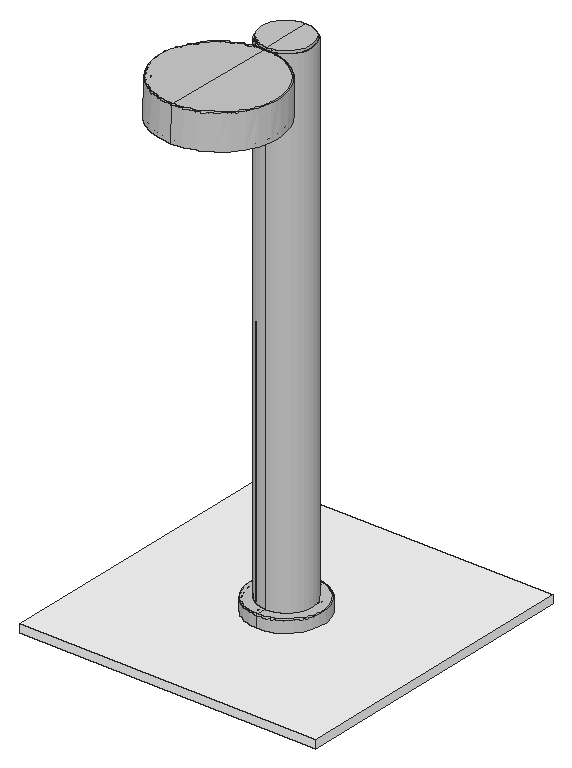
Revit family "BE_77219_de_DE", category Leuchten, Revit 2015
Parameters (values of type "BEGA_77219_Silber_K3")
  built-in parameter 1150104 = 10.452 (stored number, unit not read)
  Wattage = 6.4 W
  Default Elevation = 0 mm
  built-in parameter 1150113 = 1 (stored number, unit not read)
  built-in parameter 1114218 = 1 (stored number, unit not read)
  Umgebungstemperatur = ""
  URL = "http://www.bega.de/produkt/77219"
  Typenkommentare = "© 2016 BEGA. Wir behalten uns das Recht vor, technische Änderungen ohne vorherige Ankündigung vorzunehmen."  # constant formula
  Type Image = 77219.png
  built-in parameter 1150134 = (empty or 0)
  built-in parameter 1150109 = 1 (stored number, unit not read)
  Strom = ""
  built-in parameter 1150110 = 1 (stored number, unit not read)
  Spannung = 239.996 V
  Sonderanfertigung = no
  Seriennummer [instance] = "Hier können Sie die eindeutige Seriennummer für das Facility Management eintragen."
  Schutzklasse = "I"
  Schutzart = "IP 65"
  Scheinlast = 0 VA
  Produktdatenblatt = "http://www.bega.de/download/Xrfa/db/77219.db.de.pdf"
  Oberflächentemperatur = ""
  Neigungswinkel = 0.00°
  Modell = "77219A"
  Material_18 = BEGA_Gummi_schwarz
  Material_17 = BEGA_Reflektor
  Material_15 = BEGA_Leuchtmedium_matt
  Material_13 = BEGA_Kunststoff_matt
  Material_08 = BEGA_Oberfläche_Stahl_verzinkt
  Material_06 = BEGA_Oberfläche_Edelstahl_gebürstet
  Material_03 = BEGA_Oberfläche_Weiss_matt
  Material_02 = BEGA_Oberfläche_Silber_matt
  Material_01 [instance] = BEGA_Oberfläche_Grafit_matt
  M_W = no
  M_G = no
  M_A = yes
  Logo = 0
  built-in parameter 1114217 = 1 (stored number, unit not read)
  built-in parameter 1150139 = (empty or 0)
  built-in parameter 1150105 = 57.296 (stored number, unit not read)
  built-in parameter 1150114 = 1 (stored number, unit not read)
  Lumens = 720 lm
  built-in parameter 1150115 = 1 (stored number, unit not read)
  Leuchtenlichtstrom = "376 lm"
  Leuchtenanzahl = ""
  Lebensdauerkriterien = "L70 = 50.000 h"
  Lastklassifizierung = Beleuchtung
  built-in parameter 1150112 = 1 (stored number, unit not read)
  Lampenlichtstrom = "720 lm"
  Lampe = "LED 6.4 W"
  LED_Modulbezeichnung = "2x LED-0181/830"
  built-in parameter 1150142 = (empty or 0)
  Hersteller = "BEGA"  # constant formula
  Halbstreuwinkel = ""
  Gewicht = "2.4 kg"
  Gebrauchslageneinschränkung [instance] = ""
  Frequenz = "0/50-60 Hz"
  Farbwiedergabeindex = "Ra > 80"
  Farbtemperaturverschiebung bei Dämpfen der Lampe = <Keine Auswahl>
  Farbtemperatur = "3000 K"
  Color Filter = 16777215
  built-in parameter 1150133 = 10 (stored number, unit not read)
  Energieeffizienzklasse = "LED A++ - A"
  built-in parameter 1150137 = (empty or 0)
  built-in parameter 1150132 = (empty or 0)
  ENEC = "ja"
  Dimmbar [instance] = ""
  Datei für fotometrisches Netz = "BE_77219.IES"
  CE_Konformität = "ja"
  Bestellnummer = "77219A"
  Beschreibung_Sonderanfertigung = "Hier können Sie Informationen zur Sonderanfertigung eintragen."
  Beschreibung = "Garten- und Wegeleuchte"
  built-in parameter 1150106 = 0.57296 (stored number, unit not read)
  Befestigungsbohrung = "Ø 5,5 mm"
  Befestigungsabstand = ""
  Ballwurfsicher = ""
  BEGA_Intern_aus = yes
  BEGA_Intern_an = yes
  BEGA_Intern_Konstruktion = yes
  BEGA_Intern = yes
  BEGA_IES = yes
  BEGA_Dummy = no
  Anschlussleitung = ""
  Anschlussleistung [instance] = "8.5 W"
  built-in parameter 1150107 = 3000 (stored number, unit not read)
  built-in parameter 1150102 = (empty or 0)
  built-in parameter 1150138 = (empty or 0)
  Aktualisierung = "2016-11-25T04:14:57"
  Abstand_zur_angestrahlten_Fläche [instance] = ""
  AC/DC = "AC/DC"
Types (2, lengths in mm): name | Modell | M_G | M_A | Bestellnummer
  BEGA_77219_Grafit_K3 | "77219" | yes | no | "77219"
  BEGA_77219_Silber_K3 | "77219A" | no | yes | "77219A"
Reference planes
  plane 1 "Mitte (Vorne/Hinten)": y = 0
  plane 2: z = 0
  plane 3 "Mitte (Links/Rechts)": x = 0
  plane 4 "Links": x = -80.009
  plane 5 "Rechts": x = 80.009
  plane 6 "Unten": y = -195.121
  plane 7 "Oben": y = 50.497
  plane 8 "Vorne": z = 697.75
  plane 9 "Hinten": z = 0
Forms (mm)
  Extrusion 1, solid, material "BEGA_Platte_Weiss"
    sketch origin (0, -1119.2, 0) x (1, 0, 0) y (0, 1, 0)
      loop
        line (-200, 1319.2) -> (-200, 919.2) -> (200, 919.2) -> (200, 1319.2) -> (-200, 1319.2)
    from 0 to -10
  Extrusion 2, solid, material "BEGA_Dummy_matt", visible <- "BEGA_Dummy"
    sketch origin (80.095, -76.023, 0) x (1, 0, 0) y (0, 1, 0)
      loop
        line (-160.105, 126.52) -> (-160.105, -119.098) -> (-0.086, -119.098) -> (-0.086, 126.52) -> (-160.105, 126.52)
    from 0 to 697.75
Dimensions and locks
  plane 1 "Mitte (Vorne/Hinten)" to Extrusion 1 = 200 mm
  aligned and locked: plane 2 to Extrusion 1
  aligned and locked: level to Extrusion 1
Nested families
  nested 1: "BE_77219" at (0, 0, 0) x (0, -1, 0) z (0, 0, 1), type "BE_77219"
Connectors
  electrical at (0, 0, 0), driven by "Lastklassifizierung", driven by "Spannung", driven by "Scheinlast"
    settings: index 1, voltage 239.996 V, apparent load 0 VA, apparent load phase1 0 VA, apparent load phase2 0 VA, apparent load phase3 0 VA, power factor 1, load classification "Beleuchtung", number of poles 1, system type 31, power factor state 1, is connector primary yes, connector utility no, sub classification motor no, connector description ""
Definition of nested family "BE_77219"
  Parameters (values of type "BE_77219")
    Default Elevation = 1 mm
    URL = "http://www.bega.de/de/produkt"
    Type Comments = "© 2015 BEGA. Wir behalten uns das Recht vor, technische Änderungen ohne vorherige Ankündigung vorzunehmen. "  # constant formula
    Type Image = (empty or 0)
    Material_18 = none
    Material_17 = none
    Material_15 = none
    Material_13 = none
    Material_11 = none
    Material_09 = none
    Material_08 = none
    Material_06 = none
    Material_03 = none
    Material_02 = none
    Material_01 = none
    M_W = yes
    M_G = yes
    M_A = yes
    Länge_Platte = 200 mm  # constant formula
    Höhe_Platte = -10 mm  # constant formula
    Manufacturer = "BEGA"  # constant formula
    Breite_Platte = 200 mm  # constant formula
  Reference planes
    plane 1 "Mitte (Oben/Unten)": y = 0
    plane 2: z = 0
    plane 3 "Mitte (Links/Rechts)": x = 0
    plane 4: x = 195.121
    plane 5: y = -80.009
    plane 6: y = 80.009
    plane 7: x = -50.497
    plane 8: z = 697.75
    plane 9: z = 0
  Forms (mm)
    Extrusion 1, solid, detail levels medium
      sketch origin (0, 0, 0) x (1, 0, 0) y (0, 1, 0)
        loop
          line (-100, 100) -> (-100, -100) -> (100, -100) -> (100, 100) -> (-100, 100)
      from 0 to -10 <- "Höhe_Platte"
    Revolve 2, solid, material <- "Material_08", detail levels medium+fine
      sketch origin (0, 0, 0) x (1, 0, 0) y (0, 0, 1)
        loop
          line (-13.1, 1.303) -> (-13.1, 119.968) -> (-15.1, 119.968) -> (-15.1, 1.303) -> (-13.1, 1.303)
        axis (6, 1.303) -> (6, 119.968)
      angle from 0 to 360
    Revolve 3, solid, material <- "Material_08", detail levels medium+fine
      sketch origin (0, 0, 0) x (1, 0, 0) y (0, 0, 1)
        loop
          line (-16.928, 2) -> (-29, 2) -> (-29, 0) -> (-17.127, 0)
          arc (-17.127, 0) -> (-15.987, 0.28) -> (-15.1, 1.049) r 2.5
          line (-15.1, 1.049) -> (-15.1, 3.828) -> (-16.928, 2)
        axis (6, 3.828) -> (6, 0)
      angle from 0 to 360
    Extrusion 4, void
      sketch origin (0, 0, 0) x (1, 0, 0) y (0, 1, 0)
        loop
          line (25.787, 28.87) -> (30.128, 4.254)
          arc (30.128, 4.254) -> (30.5, 0) -> (30.128, -4.254) r 24.5
          line (30.128, -4.254) -> (25.787, -28.87)
          arc (25.787, -28.87) -> (36.964, -16.316) -> (41, 0) r 35
          arc (41, 0) -> (36.964, 16.316) -> (25.787, 28.87) r 35
      from 3.828 to -3.013
    Extrusion 5, void
      sketch origin (0, 0, 0) x (1, 0, 0) y (0, 1, 0)
        loop
          circle (21, 25.981) r 2.75
        loop
          circle (-24, 0) r 2.75
        loop
          circle (21, -25.981) r 2.75
      from 3.828 to -3.013
    Revolve 6, solid, material <- "Material_01", visible <- "M_G", detail levels medium+fine
      sketch origin (0, 0, 0) x (1, 0, 0) y (0, 0, 1)
        loop
          line (-35.014, 693.001) -> (-35, 11) -> (-31.996, 11) -> (-31.725, 693.001) -> (-35.014, 693.001)
        axis (0, 11) -> (0, 693.001)
      angle from 0 to 360
    Revolve 7, solid, material <- "Material_01", visible <- "M_G", detail levels medium+fine
      sketch origin (0, 0, 3) x (1, 0, 0) y (0, 0, 1)
        loop
          line (-33.09, 693) -> (-33.09, 689.236) -> (0, 689.236) -> (0, 693) -> (-33.09, 693)
        axis (0, 693) -> (0, 689.236)
      angle from 0 to 360
    Revolve 8, solid, material <- "Material_01", visible <- "M_G", detail levels medium+fine
      sketch origin (0, 0, 11) x (1, 0, 0) y (0, 0, 1)
        loop
          line (114.313, 685.386) -> (114.971, 647.691) -> (119.47, 647.77) -> (119.986, 677.353)
          arc (119.986, 677.353) -> (120.567, 678.727) -> (121.936, 679.318) r 2
          line (121.936, 679.318) -> (186.664, 680.448) -> (188.074, 648.167) -> (192.225, 648.24) -> (192.521, 639.744) -> (195.121, 639.789) -> (193.515, 685.785)
          arc (193.515, 685.785) -> (193.204, 686.476) -> (192.498, 686.75) r 1
          line (192.498, 686.75) -> (114.313, 685.386)
        axis (114.313, 685.386) -> (115.133, 638.393)
      angle from 0 to 360
    Extrusion 9, solid, material <- "Material_01", visible <- "M_G", detail levels medium+fine
      sketch origin (0, 0, 0) x (1, 0, 0) y (0, 1, 0)
        loop
          line (37.664, 12.5) -> (31.41, 12.5)
          arc (31.41, 12.5) -> (33.806, 0) -> (31.41, -12.5) r 33.806
          line (31.41, -12.5) -> (37.664, -12.5)
          arc (37.664, -12.5) -> (36.662, 0) -> (37.664, 12.5) r 78.456
      from 648.355 to 691.425
    Revolve 10, solid, material <- "Material_13", detail levels medium+fine
      sketch origin (0, 0, 11) x (1, 0, 0) y (0, 0, 1)
        loop
          line (39.189, 638.738) -> (110.47, 638.116) -> (110.553, 642.914) -> (112.369, 642.945) -> (112.176, 646.643) -> (105.758, 646.531) -> (105.22, 643.137) -> (43.129, 643.703) -> (38.162, 641.797) -> (38.198, 639.734)
          arc (38.198, 639.734) -> (38.489, 639.033) -> (39.189, 638.738) r 1
        axis (114.988, 646.692) -> (115.137, 638.197)
      angle from 0 to 360
    Revolve 11, solid, material <- "Material_06", detail levels fine
      sketch origin (0, 0, 11) x (1, 0, 0) y (0, 0, 1)
        loop
          arc (110.882, 638.419) -> (111.035, 638.068) -> (111.391, 637.928) r 0.5
          line (111.391, 637.928) -> (115.14, 637.993) -> (114.722, 661.917)
          arc (114.722, 661.917) -> (114.106, 661.762) -> (113.621, 661.35) r 1.4
          line (113.621, 661.35) -> (112.264, 659.516) -> (112.553, 642.949) -> (110.803, 642.918) -> (110.882, 638.419)
        axis (114.722, 661.917) -> (115.14, 637.993)
      angle from 0 to 360
    Revolve 12, void
      sketch origin (0, 0, 11) x (1, 0, 0) y (0, 0, 1)
        loop
          line (-32.182, 89) -> (-36.21, 89) -> (-36.21, 85) -> (-32.182, 85) -> (-32.182, 89)
        axis (-36.21, 85) -> (-32.182, 85)
      angle from 0 to 360
    Revolve 13, void
      sketch origin (0, 0, -39) x (1, 0, 0) y (0, 0, 1)
        loop
          line (-32.182, 89) -> (-35.903, 89) -> (-35.903, 85) -> (-32.182, 85) -> (-32.182, 89)
        axis (-35.903, 85) -> (-32.182, 85)
      angle from 0 to 360
    Revolve 14, solid, material <- "Material_06", detail levels fine
      sketch origin (0, 0, 11) x (1, 0, 0) y (0, 0, 1)
        loop
          line (-32.182, 89) -> (-34.8, 89) -> (-34.8, 85) -> (-15.1, 85) -> (-15.1, 88) -> (-32.182, 88) -> (-32.182, 89)
        axis (-34.8, 85) -> (-15.1, 85)
      angle from 0 to 360
    Revolve 15, solid, material <- "Material_02", visible <- "M_A", detail levels medium+fine
      sketch origin (0, 0, 11) x (1, 0, 0) y (0, 0, 1)
        loop
          line (114.313, 685.386) -> (114.971, 647.691) -> (119.47, 647.77) -> (119.986, 677.353)
          arc (119.986, 677.353) -> (120.567, 678.727) -> (121.936, 679.318) r 2
          line (121.936, 679.318) -> (186.664, 680.448) -> (188.074, 648.167) -> (192.225, 648.24) -> (192.521, 639.744) -> (195.121, 639.789) -> (193.515, 685.785)
          arc (193.515, 685.785) -> (193.204, 686.476) -> (192.498, 686.75) r 1
          line (192.498, 686.75) -> (114.313, 685.386)
        axis (114.313, 685.386) -> (115.133, 638.393)
      angle from 0 to 360
    Extrusion 16, solid, material <- "Material_02", visible <- "M_A", detail levels medium+fine
      sketch origin (0, 0, 0) x (1, 0, 0) y (0, 1, 0)
        loop
          line (37.664, 12.5) -> (31.41, 12.5)
          arc (31.41, 12.5) -> (33.806, 0) -> (31.41, -12.5) r 33.806
          line (31.41, -12.5) -> (37.664, -12.5)
          arc (37.664, -12.5) -> (36.662, 0) -> (37.664, 12.5) r 78.456
      from 648.355 to 691.425
    Revolve 17, solid, material <- "Material_06", detail levels fine
      sketch origin (0, 0, -39) x (1, 0, 0) y (0, 0, 1)
        loop
          line (-32.182, 89) -> (-34.8, 89) -> (-34.8, 85) -> (-15.1, 85) -> (-15.1, 88) -> (-32.182, 88) -> (-32.182, 89)
        axis (-34.8, 85) -> (-15.1, 85)
      angle from 0 to 360
    Revolve 18, solid, material <- "Material_01", visible <- "M_G", detail levels medium+fine
      sketch origin (0, 0, 0) x (1, 0, 0) y (0, 0, 1)
        loop
          line (-35.575, 16) -> (-49.034, 16)
          arc (-49.034, 16) -> (-49.729, 15.719) -> (-50.034, 15.035) r 1
          line (-50.034, 15.035) -> (-50.497, 0) -> (-47.764, 0) -> (-47.334, 12.336)
          arc (-47.334, 12.336) -> (-47.029, 13.02) -> (-46.334, 13.3) r 1
          line (-46.334, 13.3) -> (-39.066, 13.3)
          arc (-39.066, 13.3) -> (-38.371, 13.019) -> (-38.066, 12.335) r 1
          line (-38.066, 12.335) -> (-37.959, 9.263)
          arc (-37.959, 9.263) -> (-37.654, 8.58) -> (-36.96, 8.3) r 1
          line (-36.96, 8.3) -> (-32.806, 8.3) -> (-32.9, 11) -> (-35.4, 11) -> (-35.575, 16)
        axis (0, 0) -> (0, 16)
      angle from 0 to 360
    Revolve 19, solid, material <- "Material_02", visible <- "M_A", detail levels medium+fine
      sketch origin (0, 0, 0) x (1, 0, 0) y (0, 0, 1)
        loop
          line (-35.575, 16) -> (-49.034, 16)
          arc (-49.034, 16) -> (-49.729, 15.719) -> (-50.034, 15.035) r 1
          line (-50.034, 15.035) -> (-50.497, 0) -> (-47.764, 0) -> (-47.334, 12.336)
          arc (-47.334, 12.336) -> (-47.029, 13.02) -> (-46.334, 13.3) r 1
          line (-46.334, 13.3) -> (-39.066, 13.3)
          arc (-39.066, 13.3) -> (-38.371, 13.019) -> (-38.066, 12.335) r 1
          line (-38.066, 12.335) -> (-37.959, 9.263)
          arc (-37.959, 9.263) -> (-37.654, 8.58) -> (-36.96, 8.3) r 1
          line (-36.96, 8.3) -> (-32.806, 8.3) -> (-32.9, 11) -> (-35.4, 11) -> (-35.575, 16)
        axis (0, 0) -> (0, 16)
      angle from 0 to 360
    Revolve 20, solid, material <- "Material_02", visible <- "M_A", detail levels medium+fine
      sketch origin (0, 0, 0) x (1, 0, 0) y (0, 0, 1)
        loop
          line (-35.014, 693.001) -> (-35, 11) -> (-31.996, 11) -> (-31.725, 693.001) -> (-35.014, 693.001)
        axis (0, 11) -> (0, 693.001)
      angle from 0 to 360
    Revolve 21, solid, material <- "Material_02", visible <- "M_A", detail levels medium+fine
      sketch origin (0, 0, 3) x (1, 0, 0) y (0, 0, 1)
        loop
          line (-33.09, 693) -> (-33.09, 689.236) -> (0, 689.236) -> (0, 693) -> (-33.09, 693)
        axis (0, 693) -> (0, 689.236)
      angle from 0 to 360
  Cuts and joins
    Extrusion 4, Extrusion 5 cuts Revolve 3
    joined: Revolve 2, Revolve 3
    Revolve 12, Revolve 13 cuts Revolve 6
    Revolve 12, Revolve 13 cuts Revolve 7
    joined: Revolve 6, Revolve 7
    joined: Revolve 8, Extrusion 9
    joined: Revolve 15, Extrusion 16
    Revolve 12, Revolve 13 cuts Revolve 20
    joined: Revolve 20, Revolve 21
  Dimensions and locks
    equal spacing: Extrusion 1 sketch curve, plane 3 "Mitte (Links/Rechts)", Extrusion 1 sketch curve
    equal spacing: Extrusion 1 sketch curve, plane 1 "Mitte (Oben/Unten)", Extrusion 1 sketch curve
    "Länge_Platte": Extrusion 1 sketch curve to Extrusion 1 sketch curve
    "Breite_Platte": Extrusion 1 sketch curve to Extrusion 1 sketch curve
    aligned and locked: Extrusion 1 to plane 2
    aligned and locked: level to Extrusion 1
  Automatic sketch dimensions
    Revolve 2 sketch curve to plane 3 "Mitte (Links/Rechts)" = 15.1 mm
    Revolve 2 sketch curve to Revolve 2 sketch curve = 2 mm
    level to Revolve 2 sketch curve = 119.968 mm
    plane 3 "Mitte (Links/Rechts)" to Revolve 2 sketch curve = 6 mm
    Revolve 2 sketch curve to Revolve 2 sketch curve = 55 mm
    Revolve 3 sketch curve to Revolve 3 sketch curve = 11.865 mm
    Revolve 3 sketch curve to Revolve 3 sketch curve = 0.009 mm
    Revolve 3 sketch curve to Revolve 3 sketch curve = 0.207 mm
    Revolve 3 sketch curve to Revolve 3 sketch curve = 2.036 mm
    Revolve 3 sketch curve to Revolve 3 sketch curve = 1.328 mm
    plane 3 "Mitte (Links/Rechts)" to Revolve 3 sketch curve = 6 mm
    Extrusion 4 sketch curve to Extrusion 4 sketch curve = 0 mm  (x8)
    plane 1 "Mitte (Oben/Unten)" to Extrusion 4 sketch curve = 0 mm
    plane 3 "Mitte (Links/Rechts)" to Extrusion 4 sketch curve = 6 mm
    plane 3 "Mitte (Links/Rechts)" to Extrusion 4 sketch curve = 25.787 mm  (x2)
    plane 1 "Mitte (Oben/Unten)" to Extrusion 4 sketch curve = 28.87 mm
    plane 1 "Mitte (Oben/Unten)" to Extrusion 4 sketch curve = 4.254 mm  (x2)
    Extrusion 4 sketch curve to Extrusion 4 sketch curve = 10.872 mm
    Extrusion 4 sketch curve to plane 1 "Mitte (Oben/Unten)" = 4.254 mm  (x2)
    plane 4 to Revolve 8 sketch curve = 0 mm
    plane 4 to Revolve 8 sketch curve = 1.606 mm
    plane 4 to Revolve 8 sketch curve = 2.6 mm
    Revolve 8 sketch curve to Revolve 8 sketch curve = 0.999 mm
    plane 4 to Revolve 8 sketch curve = 2.896 mm
    Revolve 8 sketch curve to Revolve 8 sketch curve = 4.151 mm
    Revolve 8 sketch curve to Revolve 8 sketch curve = 5.851 mm
    Revolve 8 sketch curve to Revolve 8 sketch curve = 64.678 mm
    Revolve 8 sketch curve to Revolve 8 sketch curve = 0.05 mm
    Revolve 8 sketch curve to Revolve 8 sketch curve = 2.516 mm
    Revolve 8 sketch curve to Revolve 8 sketch curve = 4.499 mm
    Revolve 8 sketch curve to Revolve 8 sketch curve = 7.623 mm
    Revolve 8 sketch curve to Revolve 8 sketch curve = 45.995 mm
    Revolve 8 sketch curve to Revolve 8 sketch curve = 0.045 mm
    Revolve 8 sketch curve to Revolve 8 sketch curve = 0.079 mm
    Revolve 8 sketch curve to Revolve 8 sketch curve = 8.424 mm
    Revolve 8 sketch curve to Revolve 8 sketch curve = 0.073 mm
    Revolve 8 sketch curve to Revolve 8 sketch curve = 0.034 mm
    Revolve 8 sketch curve to Revolve 8 sketch curve = 0 mm  (x8)
    Revolve 8 sketch curve to Revolve 8 sketch curve = 2 mm
    plane 1 "Mitte (Oben/Unten)" to Extrusion 9 sketch curve = 0 mm  (x2)
    Extrusion 9 sketch curve to plane 3 "Mitte (Links/Rechts)" = 0 mm
    plane 1 "Mitte (Oben/Unten)" to Extrusion 9 sketch curve = 12.5 mm
    plane 3 "Mitte (Links/Rechts)" to Extrusion 9 sketch curve = 31.41 mm
    Extrusion 9 sketch curve to plane 1 "Mitte (Oben/Unten)" = 12.5 mm
    Extrusion 9 sketch curve to Extrusion 9 sketch curve = 6.254 mm
    Extrusion 9 sketch curve to Extrusion 9 sketch curve = 77.454 mm
    Extrusion 9 sketch curve to Extrusion 9 sketch curve = 0 mm
    plane 3 "Mitte (Links/Rechts)" to Revolve 10 sketch curve = 38.162 mm
    Revolve 10 sketch curve to Revolve 10 sketch curve = 0.036 mm
    Revolve 10 sketch curve to Revolve 10 sketch curve = 1 mm
    Revolve 10 sketch curve to Revolve 10 sketch curve = 4.967 mm
    Revolve 10 sketch curve to Revolve 10 sketch curve = 62.091 mm
    Revolve 10 sketch curve to Revolve 10 sketch curve = 0.538 mm
    Revolve 10 sketch curve to Revolve 10 sketch curve = 5.25 mm
    Revolve 10 sketch curve to Revolve 10 sketch curve = 0.084 mm
    Revolve 10 sketch curve to Revolve 10 sketch curve = 1.622 mm
    Revolve 10 sketch curve to Revolve 10 sketch curve = 1.816 mm
    Revolve 10 sketch curve to Revolve 10 sketch curve = 3.697 mm
    Revolve 10 sketch curve to Revolve 10 sketch curve = 0.032 mm
    Revolve 10 sketch curve to Revolve 10 sketch curve = 2.059 mm
    Revolve 10 sketch curve to Revolve 10 sketch curve = 0.004 mm
    Revolve 10 sketch curve to Revolve 10 sketch curve = 4.798 mm
    Revolve 10 sketch curve to Revolve 10 sketch curve = 1.907 mm
    Revolve 10 sketch curve to Revolve 10 sketch curve = 0.009 mm
    Revolve 10 sketch curve to Revolve 10 sketch curve = 0 mm  (x2)
    Revolve 10 sketch curve to Revolve 10 sketch curve = 2.174 mm
    Revolve 10 sketch curve to Revolve 10 sketch curve = 4.718 mm
    Revolve 10 sketch curve to Revolve 10 sketch curve = 2.861 mm
    plane 4 to Revolve 11 sketch curve = 84.317 mm
    Revolve 11 sketch curve to Revolve 11 sketch curve = 0.578 mm
    Revolve 11 sketch curve to Revolve 11 sketch curve = 1.46 mm
    Revolve 11 sketch curve to Revolve 11 sketch curve = 1.75 mm
    Revolve 11 sketch curve to Revolve 11 sketch curve = 2.459 mm
    Revolve 11 sketch curve to Revolve 11 sketch curve = 0.024 mm
    Revolve 11 sketch curve to Revolve 11 sketch curve = 3.758 mm
    Revolve 11 sketch curve to Revolve 11 sketch curve = 16.567 mm
    Revolve 11 sketch curve to Revolve 11 sketch curve = 0.031 mm
    Revolve 11 sketch curve to Revolve 11 sketch curve = 4.491 mm
    Revolve 11 sketch curve to Revolve 11 sketch curve = 0.435 mm
    Revolve 11 sketch curve to Revolve 11 sketch curve = 1.4 mm
    Revolve 11 sketch curve to Revolve 11 sketch curve = 0.5 mm
    Revolve 11 sketch curve to Revolve 11 sketch curve = 0 mm  (x8)
    Revolve 11 sketch curve to Revolve 11 sketch curve = 0.009 mm  (x2)
    Revolve 11 sketch curve to Revolve 11 sketch curve = 1.101 mm
    Revolve 11 sketch curve to Revolve 11 sketch curve = 2.478 mm
    Revolve 11 sketch curve to Revolve 11 sketch curve = 1.27 mm
    level to Revolve 12 sketch curve = 96 mm
    Revolve 12 sketch curve to Revolve 12 sketch curve = 4 mm
    Revolve 12 sketch curve to Revolve 12 sketch curve = 0 mm  (x2)
    Revolve 12 sketch curve to Revolve 12 sketch curve = 1.318 mm
    level to Revolve 13 sketch curve = 46 mm
    Revolve 13 sketch curve to Revolve 13 sketch curve = 4 mm
    Revolve 13 sketch curve to Revolve 13 sketch curve = 0.308 mm
    Revolve 13 sketch curve to Revolve 13 sketch curve = 1.318 mm
    Revolve 13 sketch curve to Revolve 13 sketch curve = 0 mm
    Revolve 14 sketch curve to Revolve 14 sketch curve = 2.618 mm  (x2)
    Revolve 14 sketch curve to plane 3 "Mitte (Links/Rechts)" = 15.1 mm
    level to Revolve 14 sketch curve = 96 mm
    Revolve 14 sketch curve to Revolve 14 sketch curve = 3 mm
    Revolve 14 sketch curve to Revolve 14 sketch curve = 1 mm
    Revolve 14 sketch curve to Revolve 14 sketch curve = 0 mm  (x2)
    plane 4 to Revolve 15 sketch curve = 0 mm
    plane 4 to Revolve 15 sketch curve = 1.606 mm
    plane 4 to Revolve 15 sketch curve = 2.6 mm
    Revolve 15 sketch curve to Revolve 15 sketch curve = 0.999 mm
    plane 4 to Revolve 15 sketch curve = 2.896 mm
    Revolve 15 sketch curve to Revolve 15 sketch curve = 4.151 mm
    Revolve 15 sketch curve to Revolve 15 sketch curve = 5.851 mm
    Revolve 15 sketch curve to Revolve 15 sketch curve = 64.678 mm
    Revolve 15 sketch curve to Revolve 15 sketch curve = 0.05 mm
    Revolve 15 sketch curve to Revolve 15 sketch curve = 2.516 mm
    Revolve 15 sketch curve to Revolve 15 sketch curve = 4.499 mm
    Revolve 15 sketch curve to Revolve 15 sketch curve = 7.623 mm
    Revolve 15 sketch curve to Revolve 15 sketch curve = 45.995 mm
    Revolve 15 sketch curve to Revolve 15 sketch curve = 0.045 mm
    Revolve 15 sketch curve to Revolve 15 sketch curve = 0.079 mm
    Revolve 15 sketch curve to Revolve 15 sketch curve = 8.424 mm
    Revolve 15 sketch curve to Revolve 15 sketch curve = 0.073 mm
    Revolve 15 sketch curve to Revolve 15 sketch curve = 0.034 mm
    Revolve 15 sketch curve to Revolve 15 sketch curve = 0 mm  (x8)
    Revolve 15 sketch curve to Revolve 15 sketch curve = 2 mm
    plane 1 "Mitte (Oben/Unten)" to Extrusion 16 sketch curve = 0 mm  (x2)
    Extrusion 16 sketch curve to plane 3 "Mitte (Links/Rechts)" = 0 mm
    plane 1 "Mitte (Oben/Unten)" to Extrusion 16 sketch curve = 12.5 mm
    plane 3 "Mitte (Links/Rechts)" to Extrusion 16 sketch curve = 31.41 mm
    Extrusion 16 sketch curve to plane 1 "Mitte (Oben/Unten)" = 12.5 mm
    Extrusion 16 sketch curve to Extrusion 16 sketch curve = 6.254 mm
    Extrusion 16 sketch curve to Extrusion 16 sketch curve = 77.454 mm
    Extrusion 16 sketch curve to Extrusion 16 sketch curve = 0 mm
    Revolve 17 sketch curve to Revolve 17 sketch curve = 2.618 mm  (x2)
    Revolve 17 sketch curve to plane 3 "Mitte (Links/Rechts)" = 15.1 mm
    level to Revolve 17 sketch curve = 46 mm
    Revolve 17 sketch curve to Revolve 17 sketch curve = 3 mm
    Revolve 17 sketch curve to Revolve 17 sketch curve = 1 mm
    Revolve 17 sketch curve to Revolve 17 sketch curve = 0 mm  (x2)
    Revolve 18 sketch curve to level = 0 mm
    Revolve 18 sketch curve to plane 3 "Mitte (Links/Rechts)" = 0 mm
    Revolve 18 sketch curve to Revolve 18 sketch curve = 0.999 mm  (x4)
    Revolve 18 sketch curve to Revolve 18 sketch curve = 1.107 mm
    Revolve 18 sketch curve to Revolve 18 sketch curve = 7.269 mm
    Revolve 18 sketch curve to Revolve 18 sketch curve = 0.431 mm
    Revolve 18 sketch curve to Revolve 18 sketch curve = 2.7 mm  (x2)
    Revolve 18 sketch curve to Revolve 18 sketch curve = 2.732 mm
    level to Revolve 18 sketch curve = 8.3 mm
    Revolve 18 sketch curve to Revolve 18 sketch curve = 0.963 mm
    Revolve 18 sketch curve to Revolve 18 sketch curve = 3.037 mm
    Revolve 18 sketch curve to Revolve 18 sketch curve = 0 mm  (x3)
    Revolve 18 sketch curve to Revolve 18 sketch curve = 0.036 mm
    Revolve 18 sketch curve to Revolve 18 sketch curve = 2.664 mm
    Revolve 18 sketch curve to Revolve 18 sketch curve = 0.035 mm
    level to Revolve 18 sketch curve = 5.787 mm
    Revolve 18 sketch curve to Revolve 18 sketch curve = 6.424 mm
    Revolve 7 sketch curve to plane 3 "Mitte (Links/Rechts)" = 0 mm  (x2)
    Revolve 7 sketch curve to Revolve 7 sketch curve = 3.764 mm
    Revolve 7 sketch curve to Revolve 7 sketch curve = 1.5 mm
    Revolve 7 sketch curve to Revolve 7 sketch curve = 0 mm
    Revolve 19 sketch curve to level = 0 mm
    Revolve 19 sketch curve to plane 3 "Mitte (Links/Rechts)" = 0 mm
    Revolve 19 sketch curve to Revolve 19 sketch curve = 0.999 mm  (x4)
    Revolve 19 sketch curve to Revolve 19 sketch curve = 1.107 mm
    Revolve 19 sketch curve to Revolve 19 sketch curve = 7.269 mm
    Revolve 19 sketch curve to Revolve 19 sketch curve = 0.431 mm
    Revolve 19 sketch curve to Revolve 19 sketch curve = 2.7 mm  (x2)
    Revolve 19 sketch curve to Revolve 19 sketch curve = 2.732 mm
    level to Revolve 19 sketch curve = 8.3 mm
    Revolve 19 sketch curve to Revolve 19 sketch curve = 0.963 mm
    Revolve 19 sketch curve to Revolve 19 sketch curve = 3.037 mm
    Revolve 19 sketch curve to Revolve 19 sketch curve = 0 mm  (x3)
    Revolve 19 sketch curve to Revolve 19 sketch curve = 0.036 mm
    Revolve 19 sketch curve to Revolve 19 sketch curve = 2.664 mm
    Revolve 19 sketch curve to Revolve 19 sketch curve = 0.035 mm
    level to Revolve 19 sketch curve = 5.787 mm
    Revolve 19 sketch curve to Revolve 19 sketch curve = 6.424 mm
    level to Revolve 7 sketch curve = 692.236 mm
    level to Revolve 8 sketch curve = 650.744 mm
    Revolve 8 sketch curve to Revolve 8 sketch curve = 0.476 mm
    Revolve 8 sketch curve to Revolve 8 sketch curve = 29.549 mm
    Revolve 8 sketch curve to Revolve 8 sketch curve = 1.999 mm
    Revolve 8 sketch curve to Revolve 8 sketch curve = 5.303 mm
    Revolve 8 sketch curve to Revolve 8 sketch curve = 6.068 mm
    Revolve 8 sketch curve to Revolve 8 sketch curve = 0.017 mm
    level to Revolve 10 sketch curve = 649.116 mm
    Revolve 10 sketch curve to Revolve 10 sketch curve = 1.618 mm
    Revolve 10 sketch curve to Revolve 10 sketch curve = 0.224 mm
    Revolve 10 sketch curve to Revolve 10 sketch curve = 3.393 mm
    Revolve 10 sketch curve to Revolve 10 sketch curve = 36.625 mm
    level to Revolve 11 sketch curve = 648.993 mm
    Revolve 11 sketch curve to Revolve 11 sketch curve = 1.002 mm
    level to Revolve 15 sketch curve = 650.744 mm
    Revolve 15 sketch curve to Revolve 15 sketch curve = 0.476 mm
    Revolve 15 sketch curve to Revolve 15 sketch curve = 29.549 mm
    Revolve 15 sketch curve to Revolve 15 sketch curve = 1.999 mm
    Revolve 15 sketch curve to Revolve 15 sketch curve = 5.303 mm
    Revolve 15 sketch curve to Revolve 15 sketch curve = 6.068 mm
    Revolve 15 sketch curve to Revolve 15 sketch curve = 0.017 mm
    Revolve 6 sketch curve to plane 3 "Mitte (Links/Rechts)" = 0 mm
    level to Revolve 6 sketch curve = 11 mm
    plane 8 to Revolve 6 sketch curve = 4.749 mm
    Revolve 6 sketch curve to Revolve 6 sketch curve = 311.001 mm
    Revolve 6 sketch curve to Revolve 6 sketch curve = 80 mm
    Revolve 20 sketch curve to plane 3 "Mitte (Links/Rechts)" = 0 mm
    level to Revolve 20 sketch curve = 11 mm
    plane 8 to Revolve 20 sketch curve = 4.749 mm
    Revolve 20 sketch curve to Revolve 20 sketch curve = 311.001 mm
    Revolve 20 sketch curve to Revolve 20 sketch curve = 80 mm
    Revolve 21 sketch curve to plane 3 "Mitte (Links/Rechts)" = 0 mm  (x2)
    plane 8 to Revolve 21 sketch curve = 5.514 mm
    plane 8 to Revolve 21 sketch curve = 1.75 mm
    Revolve 21 sketch curve to Revolve 21 sketch curve = 1.5 mm
    Revolve 21 sketch curve to Revolve 21 sketch curve = 0 mm
    level to Revolve 2 sketch curve = 1.303 mm
    Revolve 2 sketch curve to level = 193.5 mm
    Revolve 3 sketch curve to level = 0 mm
    level to Revolve 3 sketch curve = 1.049 mm
    Revolve 3 sketch curve to Revolve 3 sketch curve = 2 mm
    Revolve 3 sketch curve to level = 6.061 mm
    level to Revolve 3 sketch curve = 8.939 mm
    Revolve 3 sketch curve to plane 3 "Mitte (Links/Rechts)" = 15.1 mm
    Revolve 6 sketch curve to plane 7 = 18.772 mm
    Revolve 6 sketch curve to plane 7 = 18.501 mm
    Revolve 6 sketch curve to Revolve 6 sketch curve = 3.005 mm
    Revolve 6 sketch curve to Revolve 6 sketch curve = 3.288 mm
    Revolve 7 sketch curve to plane 7 = 17.407 mm
    Revolve 12 sketch curve to plane 7 = 14.287 mm
    Revolve 12 sketch curve to Revolve 12 sketch curve = 4.028 mm
    Revolve 13 sketch curve to plane 7 = 14.594 mm
    Revolve 13 sketch curve to Revolve 13 sketch curve = 3.721 mm
    Revolve 14 sketch curve to Revolve 14 sketch curve = 17.082 mm
    Revolve 17 sketch curve to Revolve 17 sketch curve = 17.082 mm
    plane 7 to Revolve 18 sketch curve = 0 mm
    Revolve 18 sketch curve to Revolve 18 sketch curve = 3.491 mm
    Revolve 18 sketch curve to Revolve 18 sketch curve = 1.56 mm
    Revolve 18 sketch curve to Revolve 18 sketch curve = 2.5 mm
    Revolve 18 sketch curve to Revolve 18 sketch curve = 0.094 mm
    plane 7 to Revolve 19 sketch curve = 0 mm
    Revolve 19 sketch curve to Revolve 19 sketch curve = 3.491 mm
    Revolve 19 sketch curve to Revolve 19 sketch curve = 1.56 mm
    Revolve 19 sketch curve to Revolve 19 sketch curve = 2.5 mm
    Revolve 19 sketch curve to Revolve 19 sketch curve = 0.094 mm
    Revolve 20 sketch curve to plane 7 = 18.772 mm
    Revolve 20 sketch curve to plane 7 = 18.501 mm
    Revolve 20 sketch curve to Revolve 20 sketch curve = 3.005 mm
    Revolve 20 sketch curve to Revolve 20 sketch curve = 3.288 mm
    Revolve 21 sketch curve to plane 7 = 17.407 mm
